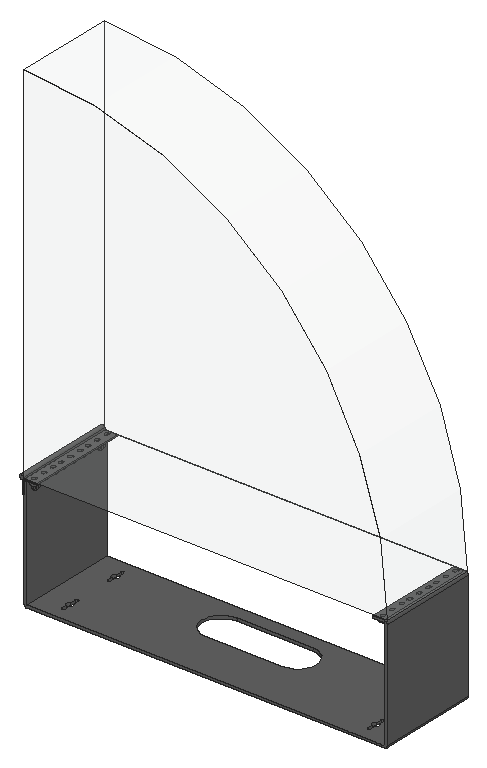
Revit family "Data_Device-Network-Leviton-Hinged-Wall_Mount-Bracket", category Data Devices, host Face, Revit 2026
Family settings
  Host = Face
  Round Connector Dimension = Use Diameter
  Part Type = Normal
  Classification Number = 23.85.50.17
  Cut with Voids When Loaded = No
  Maintain Annotation Orientation = Yes
  Shared = Yes
  Room Calculation Point = No
Parameters (values of type "Hinged wall mount standoff bracket, 2 rack units")
  z Leviton Type = 1
  Width = 19"  # constant formula
  Weight [instance] = 0.00 lbf
  URL = "http://www.leviton.com/networksolutions"
  UPC Code [instance] = ""
  Type Comments = ""
  Technical Support Phone Number = "1-800-824-3005"  # constant formula
  Serial Number [instance] = ""
  Quantity per Package = 0
  Product Documentation Link = "https://www.leviton.com/en/products/49251-w62"
  Port ID [instance] = ""
  Part Number [instance] = "49251-W62"  # constant formula
  Part Description = Description  # "Hinged wall mount standoff bracket, 2 rack units"
  Original Creation Date = "October 06, 2023"  # constant formula
  Model Disclaimer = "http://www.leviton.com/BIMTERMS"
  Model = " "
  Minimum Order Quantity = 0
  Manufacturer = "Leviton"  # constant formula
  Height = 5.25"  # constant formula
  Fiber Type = ""
  Family Version = "1.0.0"  # constant formula
  Equipment Type = ""
  Equipment Abbreviation = "WMB"  # constant formula
  Description = "Hinged wall mount standoff bracket, 2 rack units"
  Depth = 6"  # constant formula
  Default Elevation = 24"
  Date Last Modified = "October 06, 2023"  # constant formula
  Copyright = "Copyright © 2013-2014 Leviton Manufacturing Co., Inc."  # constant formula
  Channel ID [instance] = ""
  Channel Count [instance] = 0
  Assembly Code = "D5030600"
  Bracket Material = Steel - Leviton - Powdercoat - Black
  Annotation Symbol is Visible [instance] = yes
  Annotation Symbol [instance] = Symbol : Data
Reference planes (in)
  plane 1 "Center (Front/Back)": y = 0.21474
  plane 2 "Mounting Surface": z = 0
  plane 3 "Center (Left/Right)": x = -0.9065
  plane 4 "Left": x = -10.4065
  plane 5 "Right": x = 8.5935
  plane 6 "Top": y = 2.83974
  plane 7 "Bottom": y = -2.41026
  plane 8: z = 6
  plane 9: z = 5.563
  plane 10: y = -1.91026
  plane 11: y = 2.33974
  plane 12: x = -8.9065
  plane 13: y = 1.71474
  plane 14: y = -1.28526
  plane 15: x = 7.0935
Forms (in)
  Extrusion 1, solid, material "Steel - Leviton - Powdercoat - Black" <- "Bracket Material"
    sketch origin (-4.04751, -2.41026, 48) x (-1, 0, 0) y (0, 0, 1)
      loop
        line (-11.89101, -42) -> (-12.48101, -42)
        arc (-12.48101, -42) -> (-12.59414, -42.04686) -> (-12.64101, -42.16) r 0.16
        line (-12.64101, -42.16) -> (-12.64101, -47.84)
        arc (-12.64101, -47.84) -> (-12.59414, -47.95314) -> (-12.48101, -48) r 0.16
        line (-12.48101, -48) -> (6.19899, -48)
        arc (6.19899, -48) -> (6.31213, -47.95314) -> (6.35899, -47.84) r 0.16
        line (6.35899, -47.84) -> (6.35899, -42.105) -> (6.23399, -42.105) -> (6.23399, -47.875) -> (-12.51601, -47.875) -> (-12.51601, -42.1) -> (-11.89101, -42.1) -> (-11.89101, -42)
    from 0 to 5.25 <- "Height"
  Extrusion 2, solid, material "Steel - Leviton - Powdercoat - Black"
    sketch origin (-4.04751, -2.41026, 48) x (-1, 0, 0) y (0, 0, 1)
      loop
        line (6.35899, -42.0495) -> (6.35899, -42.737) -> (6.40899, -42.737) -> (6.40899, -42.03054)
        arc (6.40899, -42.03054) -> (6.57071, -41.88397) -> (6.35899, -41.937) r 0.1125
        line (6.35899, -41.937) -> (6.35899, -42) -> (5.67149, -42) -> (5.67149, -42.0495) -> (6.35899, -42.0495)
    from 0 to 5.25 <- "Height"
  Revolve 3, solid, material "Steel - Leviton - Powdercoat - Black" <- "Bracket Material"
    sketch origin (0, -1.91026, 5.963) x (0, 0, -1) y (-1, 0, 0)
      loop
        line (0.4, 10.0815) -> (0.508, 10.0815) -> (0.508, 10.1515) -> (0.59, 10.1515) -> (0.59, 10.2815) -> (0.4, 10.2815) -> (0.4, 10.0815)
      loop
        arc (0.61, 10.5145) -> (0.59038, 10.56188) -> (0.543, 10.5815) r 0.067
        line (0.543, 10.5815) -> (0.4, 10.5815) -> (0.4, 10.4565) -> (0.61, 10.4565) -> (0.61, 10.5145)
      axis (0.4, 10.0815) -> (0.4, 10.5815)
    angle from 0 to 360
  Revolve 4, solid, material "Steel - Leviton - Powdercoat - Black" <- "Bracket Material"
    sketch origin (0, 2.33974, 6.033) x (0, 0, -1) y (-1, 0, 0)
      loop
        line (0.47, 10.0815) -> (0.578, 10.0815) -> (0.578, 10.1515) -> (0.66, 10.1515) -> (0.66, 10.2815) -> (0.47, 10.2815) -> (0.47, 10.0815)
      loop
        arc (0.68, 10.5145) -> (0.66038, 10.56188) -> (0.613, 10.5815) r 0.067
        line (0.613, 10.5815) -> (0.47, 10.5815) -> (0.47, 10.4565) -> (0.68, 10.4565) -> (0.68, 10.5145)
      axis (0.47, 10.0815) -> (0.47, 10.5815)
    angle from 0 to 360
  Sweep 5, solid, material "Steel - Leviton - Powdercoat - Black" <- "Bracket Material"
    path origin (-16.582, 0.21474, -4.456) x (0, 0, -1) y (1, 0, 0)
      loop
        line (-10.2495, 6.513) -> (-10.4065, 6.513)
    profile origin (-10.069, 0.21474, 5.872) x (-1, 0, 0) y (0, -1, 0)
      loop
        circle (0, -2.375) r 0.19
      loop
        circle (0, -1.75) r 0.19
      loop
        circle (0, -1.125) r 0.19
      loop
        circle (0, -0.625) r 0.19
      loop
        circle (0, 0) r 0.19
      loop
        circle (0, 0.625) r 0.108
      loop
        circle (0, 0.625) r 0.19
      loop
        circle (0, 1.125) r 0.19
      loop
        circle (0, 1.125) r 0.108
      loop
        circle (0, 1.75) r 0.108
      loop
        circle (0, 1.75) r 0.19
      loop
        circle (0, 2.375) r 0.19
      loop
        circle (0, 2.375) r 0.108
      loop
        circle (0, -0.625) r 0.108
      loop
        circle (0, -1.125) r 0.108
      loop
        circle (0, -1.75) r 0.108
      loop
        circle (0, -2.375) r 0.108
      loop
        circle (0, 0) r 0.108
  Extrusion 6, solid, material "Clearance Areas - Leviton"
    sketch origin (-4.04751, -2.41026, 48) x (-1, 0, 0) y (0, 0, 1)
      loop
        line (6.35899, -42) -> (6.35899, -22.82483)
        arc (6.35899, -22.82483) -> (-7.10499, -28.48461) -> (-12.6409, -42) r 19.1125
        line (-12.6409, -42) -> (6.35899, -42)
    from 0 to 5.25 <- "Height"
  Sweep 7, solid, material "Steel - Leviton - Powdercoat - Black" <- "Bracket Material"
    path origin (1.6505, 0.21474, -4.456) x (0, 0, -1) y (1, 0, 0)
      loop
        line (-10.2495, 6.513) -> (-10.356, 6.513)
    profile origin (8.1635, 0.21474, 5.84675) x (-1, 0, 0) y (0, -1, 0)
      loop
        circle (0, -2.375) r 0.19
      loop
        circle (0, -1.75) r 0.19
      loop
        circle (0, -1.125) r 0.19
      loop
        circle (0, -0.625) r 0.19
      loop
        circle (0, 0) r 0.19
      loop
        circle (0, 0.625) r 0.108
      loop
        circle (0, 0.625) r 0.19
      loop
        circle (0, 1.125) r 0.19
      loop
        circle (0, 1.125) r 0.108
      loop
        circle (0, 1.75) r 0.108
      loop
        circle (0, 1.75) r 0.19
      loop
        circle (0, 2.375) r 0.19
      loop
        circle (0, 2.375) r 0.108
      loop
        circle (0, -0.625) r 0.108
      loop
        circle (0, -1.125) r 0.108
      loop
        circle (0, -1.75) r 0.108
      loop
        circle (0, -2.375) r 0.108
      loop
        circle (0, 0) r 0.108
  Sweep 8, void
    path origin (0, 0.21474, 0) x (1, 0, 0) y (0, 0, 1)
      loop
        line (-0.9065, 6) -> (-0.9065, 5.563)
    profile origin (-0.9065, 0.21474, 5.7815) x (0, -1, 0) y (1, 0, 0)
      loop
        circle (-2.375, -9.1625) r 0.108
      loop
        circle (-1.75, -9.1625) r 0.108
      loop
        circle (-1.125, -9.1625) r 0.108
      loop
        circle (-0.625, -9.1625) r 0.108
      loop
        circle (0, -9.1625) r 0.108
      loop
        circle (0.625, -9.1625) r 0.108
      loop
        circle (1.125, -9.1625) r 0.108
      loop
        circle (1.75, -9.1625) r 0.108
      loop
        circle (2.375, -9.1625) r 0.108
      loop
        circle (2.375, 9.07) r 0.108
      loop
        circle (1.75, 9.07) r 0.108
      loop
        circle (1.125, 9.07) r 0.108
      loop
        circle (0.625, 9.07) r 0.108
      loop
        circle (0, 9.07) r 0.108
      loop
        circle (-0.625, 9.07) r 0.108
      loop
        circle (-1.125, 9.07) r 0.108
      loop
        circle (-1.75, 9.07) r 0.108
      loop
        circle (-2.375, 9.07) r 0.108
  Extrusion 9, void
    sketch origin (0, 0, 0) x (1, 0, 0) y (0, 1, 0)
      loop
        line (-8.8165, 1.31474) -> (-8.8165, 1.5474)
        arc (-8.8165, 1.5474) -> (-8.7165, 1.71474) -> (-8.8165, 1.88207) r 0.19
        line (-8.8165, 1.88207) -> (-8.8165, 2.11474)
        arc (-8.8165, 2.11474) -> (-8.9065, 2.20474) -> (-8.9965, 2.11474) r 0.09
        line (-8.9965, 2.11474) -> (-8.9965, 1.88207)
        arc (-8.9965, 1.88207) -> (-9.0965, 1.71474) -> (-8.9965, 1.5474) r 0.19
        line (-8.9965, 1.5474) -> (-8.9965, 1.31474)
        arc (-8.9965, 1.31474) -> (-8.9065, 1.22474) -> (-8.8165, 1.31474) r 0.09
      loop
        line (-8.8165, -1.11793) -> (-8.8165, -0.88526)
        arc (-8.8165, -0.88526) -> (-8.9065, -0.79526) -> (-8.9965, -0.88526) r 0.09
        line (-8.9965, -0.88526) -> (-8.9965, -1.11793)
        arc (-8.9965, -1.11793) -> (-9.0965, -1.28526) -> (-8.9965, -1.4526) r 0.19
        line (-8.9965, -1.4526) -> (-8.9965, -1.68526)
        arc (-8.9965, -1.68526) -> (-8.9065, -1.77526) -> (-8.8165, -1.68526) r 0.09
        line (-8.8165, -1.68526) -> (-8.8165, -1.4526)
        arc (-8.8165, -1.4526) -> (-8.7165, -1.28526) -> (-8.8165, -1.11793) r 0.19
      loop
        line (-2.9065, 0.08974) -> (1.0935, 0.08974)
        arc (1.0935, 0.08974) -> (2.0935, 1.08974) -> (1.0935, 2.08974) r 1
        line (1.0935, 2.08974) -> (-2.9065, 2.08974)
        arc (-2.9065, 2.08974) -> (-3.9065, 1.08974) -> (-2.9065, 0.08974) r 1
      loop
        arc (7.1835, 1.5474) -> (7.2835, 1.71474) -> (7.1835, 1.88207) r 0.19
        line (7.1835, 1.88207) -> (7.1835, 2.11474)
        arc (7.1835, 2.11474) -> (7.0935, 2.20474) -> (7.0035, 2.11474) r 0.09
        line (7.0035, 2.11474) -> (7.0035, 1.88207)
        arc (7.0035, 1.88207) -> (6.9035, 1.71474) -> (7.0035, 1.5474) r 0.19
        line (7.0035, 1.5474) -> (7.0035, 1.31474)
        arc (7.0035, 1.31474) -> (7.0935, 1.22474) -> (7.1835, 1.31474) r 0.09
        line (7.1835, 1.31474) -> (7.1835, 1.5474)
      loop
        line (7.1835, -1.11793) -> (7.1835, -0.88526)
        arc (7.1835, -0.88526) -> (7.0935, -0.79526) -> (7.0035, -0.88526) r 0.09
        line (7.0035, -0.88526) -> (7.0035, -1.11793)
        arc (7.0035, -1.11793) -> (6.9035, -1.28526) -> (7.0035, -1.4526) r 0.19
        line (7.0035, -1.4526) -> (7.0035, -1.68526)
        arc (7.0035, -1.68526) -> (7.0935, -1.77526) -> (7.1835, -1.68526) r 0.09
        line (7.1835, -1.68526) -> (7.1835, -1.4526)
        arc (7.1835, -1.4526) -> (7.2835, -1.28526) -> (7.1835, -1.11793) r 0.19
    from 0 to 0.20378
Cuts and joins
  Sweep 8 cuts Extrusion 2
  Sweep 8, Extrusion 9 cuts Extrusion 1
Lines and regions (in)
  model lines, style "Snap Locations", detail levels medium+fine
    curve 1: line (-10.5815, 0.21474, 6.063) -> (-10.4565, 0.21474, 6.063)
Dimensions and locks (in)
  equal spacing: plane 6 "Top", plane 1 "Center (Front/Back)", plane 7 "Bottom"
  "Height": plane 6 "Top" to plane 7 "Bottom"
  equal spacing: plane 4 "Left", plane 3 "Center (Left/Right)", plane 5 "Right"
  "Width": plane 4 "Left" to plane 5 "Right"
  "Depth": plane 8 to plane 2 "Mounting Surface"
  locked: plane 8 to plane 9 at 0.437
  locked: plane 6 "Top" to plane 11 at 0.5
  locked: plane 10 to plane 7 "Bottom" at 0.5
  locked: plane 4 "Left" to Extrusion 6 sketch curve at 0.1125
  locked: Extrusion 6 sketch curve to plane 8 at 0.063
  locked: plane 4 "Left" to plane 12 at 1.5
  locked: plane 6 "Top" to plane 13 at 1.125
  locked: plane 15 to plane 5 "Right" at 1.5
  locked: plane 7 "Bottom" to plane 14 at 1.125
  aligned and locked: host face to plane 2 "Mounting Surface"
  aligned and locked: host face to level
  aligned and locked: Extrusion 1 sketch curve to plane 8
  aligned and locked: Extrusion 1 sketch curve to plane 5 "Right"
  aligned and locked: Extrusion 1 sketch curve to plane 2 "Mounting Surface"
  aligned and locked: Extrusion 2 sketch curve to plane 4 "Left"
  aligned and locked: Revolve 3 sketch curve to plane 9  (x2)
  aligned and locked: plane 8 to Extrusion 2 sketch curve
  aligned and locked: Extrusion 6 sketch curve to plane 8
  aligned and locked: Extrusion 6 sketch curve to plane 4 "Left"
  aligned and locked: Extrusion 1 to Sweep 7 sketch curve
  aligned and locked: Sweep 8 sketch curve to plane 3 "Center (Left/Right)"
  aligned and locked: plane 8 to Sweep 8 sketch curve
  aligned and locked: plane 9 to Sweep 8 sketch curve
  aligned and locked: Sweep 8 sketch curve to Sweep 5  (x9)
  aligned and locked: Sweep 8 sketch curve to Sweep 7  (x9)
Automatic sketch dimensions
  plane 8 to curve 1 = 0.063"
  curve 1 to plane 4 "Left" = 0.175"
  curve 1 to plane 4 "Left" = 0.05"
  host sketch curve to host sketch curve = 28.86918"
  host sketch curve to host sketch curve = 33.22569"
  Extrusion 1 sketch curve to plane 4 "Left" = 0"
  Extrusion 1 sketch curve to plane 5 "Right" = 0.125"
  Extrusion 1 sketch curve to Extrusion 1 sketch curve = 0.035"  (x4)
  Extrusion 1 sketch curve to Extrusion 1 sketch curve = 0.59"
  level to Extrusion 1 sketch curve = 0.16"
  Extrusion 1 sketch curve to plane 8 = 0.105"
  Extrusion 1 sketch curve to plane 8 = 0.1"
  Extrusion 2 sketch curve to plane 4 "Left" = 0"
  Extrusion 2 sketch curve to plane 8 = 0.0495"
  plane 4 "Left" to Extrusion 2 sketch curve = 0.6875"
  Extrusion 2 sketch curve to Extrusion 2 sketch curve = 0.05"
  plane 9 to Extrusion 2 sketch curve = 0.3"
  Extrusion 2 sketch curve to plane 8 = 0.03054"
  Revolve 3 sketch curve to plane 9 = 0"
  plane 9 to Revolve 3 sketch curve = 0.108"
  plane 9 to Revolve 3 sketch curve = 0.143"
  Revolve 3 sketch curve to Revolve 3 sketch curve = 0.082"
  Revolve 3 sketch curve to Revolve 3 sketch curve = 0.067"
  plane 4 "Left" to Revolve 3 sketch curve = 0.325"
  Revolve 3 sketch curve to Revolve 3 sketch curve = 0.07"
  plane 4 "Left" to Revolve 3 sketch curve = 0.125"
  Revolve 3 sketch curve to plane 4 "Left" = 0.05"
  Revolve 3 sketch curve to Revolve 3 sketch curve = 0.058"
  plane 3 "Center (Left/Right)" to Revolve 3 sketch curve = 1.50453"
  Revolve 3 sketch curve to Revolve 3 sketch curve = 0.93546"
  Revolve 4 sketch curve to plane 9 = 0"  (x3)
  plane 9 to Revolve 4 sketch curve = 0.108"
  plane 9 to Revolve 4 sketch curve = 0.143"
  Revolve 4 sketch curve to Revolve 4 sketch curve = 0.082"
  Revolve 4 sketch curve to Revolve 4 sketch curve = 0.067"
  plane 4 "Left" to Revolve 4 sketch curve = 0.325"
  Revolve 4 sketch curve to Revolve 4 sketch curve = 0.07"
  plane 4 "Left" to Revolve 4 sketch curve = 0.125"
  Revolve 4 sketch curve to plane 4 "Left" = 0.05"
  Revolve 4 sketch curve to Revolve 4 sketch curve = 0.058"
  plane 3 "Center (Left/Right)" to Revolve 4 sketch curve = 1.50453"
  Revolve 4 sketch curve to Revolve 4 sketch curve = 0.93546"
  Sweep 5 sketch curve to plane 8 = 0.0495"
  plane 4 "Left" to Sweep 5 sketch curve = 0.3375"
  Sweep 5 sketch curve to Sweep 5 sketch curve = 0.157"
  Sweep 5 sketch curve to Sweep 5 sketch curve = 0"  (x18)
  Sweep 5 sketch curve to profile plane = 0"  (x9)
  plane 1 "Center (Front/Back)" to Sweep 5 sketch curve = 0"
  Sweep 5 sketch curve to Sweep 5 sketch curve = 0.625"  (x5)
  Sweep 5 sketch curve to Sweep 5 sketch curve = 0.5"  (x2)
  plane 1 "Center (Front/Back)" to Sweep 5 sketch curve = 0.625"
  Sweep 7 sketch curve to plane 5 "Right" = 0.43"
  Sweep 7 sketch curve to Sweep 7 sketch curve = 0.1065"
  Sweep 7 sketch curve to Sweep 7 sketch curve = 0"  (x18)
  Sweep 7 sketch curve to profile plane = 0"  (x9)
  plane 1 "Center (Front/Back)" to Sweep 7 sketch curve = 0"
  Sweep 7 sketch curve to Sweep 7 sketch curve = 0.625"  (x5)
  Sweep 7 sketch curve to Sweep 7 sketch curve = 0.5"  (x2)
  plane 1 "Center (Front/Back)" to Sweep 7 sketch curve = 0.625"
  Extrusion 6 sketch curve to plane 5 "Right" = 0.0001"
  Extrusion 9 sketch curve to Extrusion 9 sketch curve = 0"  (x8)
  Extrusion 9 sketch curve to plane 12 = 0"  (x6)
  Extrusion 9 sketch curve to plane 13 = 0"  (x2)
  Extrusion 9 sketch curve to plane 15 = 0"  (x6)
  plane 14 to Extrusion 9 sketch curve = 0"  (x2)
  Extrusion 9 sketch curve to plane 12 = 0.09"  (x4)
  plane 1 "Center (Front/Back)" to Extrusion 9 sketch curve = 0.125"
  Extrusion 9 sketch curve to plane 3 "Center (Left/Right)" = 2"
  Extrusion 9 sketch curve to plane 13 = 0.625"
  plane 3 "Center (Left/Right)" to Extrusion 9 sketch curve = 2"
  plane 15 to Extrusion 9 sketch curve = 0.09"  (x4)
  plane 14 to Extrusion 9 sketch curve = 0.16733"  (x4)
  plane 10 to Extrusion 9 sketch curve = 0.225"  (x2)
  Extrusion 9 sketch curve to Extrusion 9 sketch curve = 0.23267"  (x2)
  Extrusion 9 sketch curve to plane 13 = 0.4"  (x2)
  Extrusion 9 sketch curve to plane 13 = 0.16733"  (x4)
  Extrusion 9 sketch curve to plane 11 = 0.225"  (x2)
  plane 8 to Extrusion 2 sketch curve = 0.063"
  radius of Sweep 5 sketch curve = 0.19"  (x9)
  radius of Sweep 5 sketch curve = 0.108"  (x9)
  radius of Sweep 7 sketch curve = 0.19"  (x9)
  radius of Sweep 7 sketch curve = 0.108"  (x9)
Nested families (in)
  nested 1: "Symbol" at (-0.9065, 0.21474, 0), visible <- "Annotation Symbol is Visible", type <- "Annotation Symbol", type "Data"
Definition of nested family "Symbol"
  Parameters (values of type "Data")
    Tel Data = no
    Phone = no
    Data = yes
  Types (3): name | Tel Data | Phone | Data
    Data | no | no | yes
    Phone | no | yes | no
    Tel Data | yes | no | no
  Reference planes (in)
    plane 1: y = 0
    plane 2: x = 0
  Lines and regions (in)
    Filled region 1, type "Solid Black", visible <- "Tel Data"
      outline origin (0, 0, 0) x (1, 0, 0) y (0, 1, 0)
        loop
          line (0, 0) -> (0.0654, 0.11328) -> (0, 0.11328) -> (0, 0)
    Filled region 2, type "Solid Black", visible <- "Phone"
      outline origin (0, 0, 0) x (1, 0, 0) y (0, 1, 0)
        loop
          line (0, 0) -> (0.0654, 0.11328) -> (-0.0654, 0.11328) -> (0, 0)
    Filled region 3, type "White", visible <- "Data"
      outline origin (0, 0, 0) x (1, 0, 0) y (0, 1, 0)
        loop
          line (0, 0) -> (0.0654, 0.11328) -> (-0.0654, 0.11328) -> (0, 0)
    Filled region 4, type "White", visible <- "Tel Data"
      outline origin (0, 0, 0) x (1, 0, 0) y (0, 1, 0)
        loop
          line (0, 0.11328) -> (-0.0654, 0.11328) -> (0, 0) -> (0, 0.11328)
